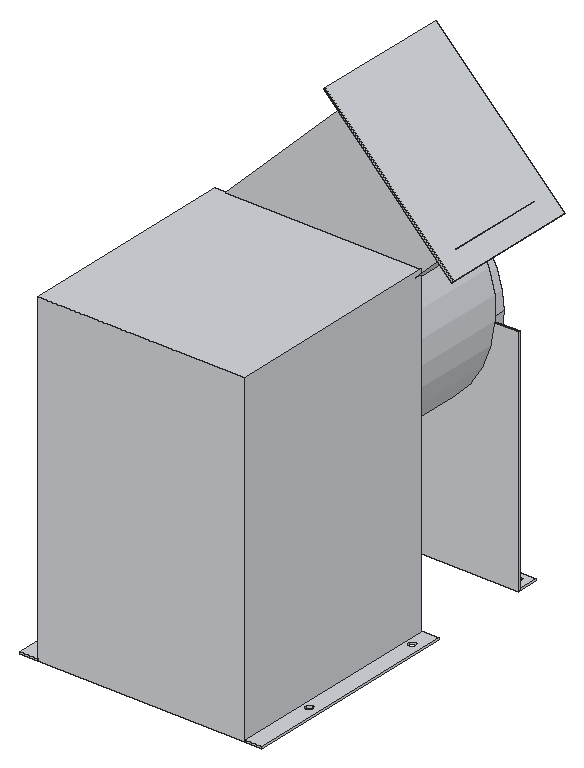
Revit family "CPFB_CW_TAU", category Mechanical Equipment, Revit 2019
Family settings
  Round Connector Dimension = Use Radius
  Part Type = Normal
  Work Plane-Based = No
  Always vertical = Yes
  Cut with Voids When Loaded = No
  Shared = No
  Room Calculation Point = No
Parameters (values of type "100-CPFB_CW_TAU")
  Z = 0' - 4 5/8"
  Y = 0' - 8 5/8"
  X = 1' - 2 1/16"
  W+M = W + M  # 1' - 5 1/8"
  W+1.5+K+L = W + 0' 1 1/2" + K + L  # 2' - 1 3/4"
  W+1.5 = W + 0' 1 1/2"  # 0' - 5 1/2"
  W = 0' - 4"
  V = 0' - 8"
  Unit Weight [instance] = ""
  U-.125 = U - 0' 0 1/8"  # 0' - 1 1/2"
  U = 0' - 1 5/8"
  T = 0' - 0 3/4"
  Sones [instance] = ""
  S/2 = S / 2  # 0' - 0 9/32"
  S = 0' - 0 9/16"
  R = 0' - 0 3/4"
  Q = 0' - 3"
  P-U = P - U  # 2' - 11 1/8"
  P = 3' - 0 3/4"
  N = 0' - 9 3/8"
  Motor RPM [instance] = ""
  Motor Enclosure [instance] = ""
  ModelID [instance] = ""
  M = 1' - 1 1/8"
  LwA [instance] = ""
  L = 0' - 10 1/4"
  K = 0' - 10"
  J = 0' - 10 3/4"
  H = 2' - 1 1/4"
  G-V = G - V  # 0' - 1 3/8"
  G = 0' - 9 3/8"
  Fan RPM [instance] = ""
  F-.125 = F - 0' 0 1/8"  # 0' - 7 3/8"
  F = 0' - 7 1/2"
  E-F = E - F  # 0' - 10 3/16"
  E = 1' - 5 11/16"
  D = 1' - 6"
  C/8*7 = C / 8 * 2.5  # 0' - 4 53/128"
  C/8 = C / 6  # 0' - 2.35417"
  C/2 = C / 2  # 0' - 7 1/16"
  C = 1' - 2 1/8"
  Brake Hp [instance] = ""
  B = 0' - 10 15/16"
  Accessories [instance] = ""
  A+.25 = A + 0' 0 1/4"  # 0' - 7 13/16"
  A = 0' - 7 9/16"
  CUT = 0' - 3 1/2"
  3" = 0' - 6"  # constant formula
  1'8" = 1' - 8"  # constant formula
  0 = 0' - 0"  # constant formula
  Voltage [instance] = 0 V
  URL = "www.lorencook.com"
  Type Comments = "Foward Curved Centrifugal Blower Clockwise Top Angular Up Arrangement 10"  # constant formula
  Static Pressure [instance] = 0.00 in-wg
  Power [instance] = Voltage * Motor FLA * sqrt(if(Phase = 3, 3, 1))  # 0 VA
  Phase [instance] = 0
  Number of Poles [instance] = 1
  Motor Hp [instance] = "0"
  Motor FLA [instance] = 0 A
  Model = "CPFB_CW_TAU"  # constant formula
  Manufacturer = "Loren Cook Company"
  CFM [instance] = 0 CFM
  1.5 = 0' - 1 1/2"  # constant formula
  ONE EIGTH = 0' - 0 1/8"  # constant formula
  -1.5 = -0' - 1 1/2"  # constant formula
  -.125 = -0' - 0 1/8"  # constant formula
  -(A+.25) = -(A + 0' 0 1/4")  # -0' - 7 13/16"
  (C/2)-1.5 = (C / 2) - 0' 1 1/2"  # 0' - 5 9/16"
  (C/2)-.25 = (C / 2) - 0' 0 1/4"  # 0' - 6 13/16"
Types (9): name | Z | Y | X | W+M | W+1.5+K+L | W+1.5 | W | V | U-.125 | U | T | S/2 | S | R | Q | P-U | P | N | M | L | K | J | H | G-V | G | F-.125 | F | E-F | E | D | C/8*7 | C/8 | C/2 | C | B | A+.25 | A | CUT | -(A+.25) | (C/2)-1.5 | (C/2)-.25
  (no name) | 0' - 4 5/8" | 0' - 8 5/8" | 1' - 2 1/16" | 1' - 5 1/8" | 2' - 1 3/4" | 0' - 5 1/2" | 0' - 4" | 0' - 8" | 0' - 1 1/2" | 0' - 1 5/8" | 0' - 0 3/4" | 0' - 0 9/32" | 0' - 0 9/16" | 0' - 0 3/4" | 0' - 3" | 2' - 11 1/8" | 3' - 0 3/4" | 0' - 9 3/8" | 1' - 1 1/8" | 0' - 10 1/4" | 0' - 10" | 0' - 10 3/4" | 2' - 1 1/4" | 0' - 1 3/8" | 0' - 9 3/8" | 0' - 7 3/8" | 0' - 7 1/2" | 0' - 10 3/16" | 1' - 5 11/16" | 1' - 6" | 0' - 4 53/128" | 0' - 2.35417" | 0' - 7 1/16" | 1' - 2 1/8" | 0' - 10 15/16" | 0' - 7 13/16" | 0' - 7 9/16" | 0' - 3 1/2" | -0' - 7 13/16" | 0' - 5 9/16" | 0' - 6 13/16"
  150-CPFB_CW_TAU | 0' - 6 9/16" | 0' - 8 5/8" | 1' - 7 5/8" | 1' - 7 1/8" | 2' - 7 5/8" | 0' - 5 1/2" | 0' - 4" | 0' - 8" | 0' - 1 1/2" | 0' - 1 5/8" | 0' - 0 3/4" | 0' - 0 9/32" | 0' - 0 9/16" | 0' - 0 3/4" | 0' - 3" | 3' - 3 13/16" | 3' - 5 7/16" | 1' - 1 1/4" | 1' - 3 1/8" | 1' - 2 1/8" | 1' - 0" | 1' - 2 5/8" | 2' - 5 1/16" | 0' - 1 3/8" | 0' - 9 3/8" | 0' - 11 1/8" | 0' - 11 1/4" | 1' - 3 3/8" | 2' - 2 5/8" | 1' - 7 1/16" | 0' - 5 125/128" | 0' - 3 3/16" | 0' - 9 9/16" | 1' - 7 1/8" | 1' - 4 7/16" | 0' - 11 11/16" | 0' - 11 7/16" | 0' - 2" | -0' - 11 11/16" | 0' - 8 1/16" | 0' - 9 5/16"
  180-CPFB_CW_TAU | 0' - 7 3/4" | 0' - 9 5/8" | 1' - 10 7/8" | 1' - 7 1/8" | 2' - 9 15/16" | 0' - 5 1/2" | 0' - 4" | 0' - 9" | 0' - 1 1/2" | 0' - 1 5/8" | 0' - 0 3/4" | 0' - 0 9/32" | 0' - 0 9/16" | 0' - 1" | 0' - 3" | 3' - 10 3/4" | 4' - 0 3/8" | 1' - 3 9/16" | 1' - 3 1/8" | 1' - 4 7/16" | 1' - 0" | 1' - 4 15/16" | 2' - 9 9/16" | 0' - 1 3/8" | 0' - 10 3/8" | 1' - 1 7/16" | 1' - 1 9/16" | 1' - 6 3/8" | 2' - 7 15/16" | 1' - 10 1/16" | 0' - 7 23/256" | 0' - 3 25/32" | 0' - 11 11/32" | 1' - 10 11/16" | 1' - 7 11/16" | 1' - 2" | 1' - 1 3/4" | 0' - 2" | -1' - 2" | 0' - 9 27/32" | 0' - 11 3/32"
  220-CPFB_CW_TAU | 0' - 9 7/16" | 0' - 11 1/8" | 2' - 3 13/16" | 1' - 11 1/8" | 3' - 5 3/8" | 0' - 6 1/2" | 0' - 5" | 0' - 10 1/2" | 0' - 1 1/2" | 0' - 1 5/8" | 0' - 0 3/4" | 0' - 0 9/32" | 0' - 0 9/16" | 0' - 1" | 0' - 4" | 4' - 9 1/4" | 4' - 10 7/8" | 1' - 7" | 1' - 6 1/8" | 1' - 7 7/8" | 1' - 3" | 1' - 8 7/16" | 3' - 5" | 0' - 1 3/8" | 0' - 11 7/8" | 1' - 4 3/4" | 1' - 4 7/8" | 1' - 11" | 3' - 3 7/8" | 2' - 3" | 0' - 8 147/256" | 0' - 4.57292" | 1' - 1 23/32" | 2' - 3 7/16" | 2' - 0 5/8" | 1' - 5 7/16" | 1' - 5 3/16" | 0' - 2" | -1' - 5 7/16" | 1' - 0 7/32" | 1' - 1 15/32"
  250-CPFB_CW_TAU | 0' - 10 1/2" | 1' - 0 3/8" | 2' - 7" | 1' - 11 1/8" | 3' - 7 3/16" | 0' - 6 1/2" | 0' - 5" | 0' - 11 1/2" | 0' - 2" | 0' - 2 1/8" | 0' - 1" | 0' - 0 11/32" | 0' - 0 11/16" | 0' - 1" | 0' - 4" | 5' - 1 11/16" | 5' - 3 13/16" | 1' - 9 1/16" | 1' - 6 1/8" | 1' - 9 11/16" | 1' - 3" | 1' - 11" | 3' - 8 5/8" | 0' - 1 7/8" | 1' - 1 3/8" | 1' - 6 1/4" | 1' - 6 3/8" | 2' - 1" | 3' - 7 3/8" | 2' - 5 5/8" | 0' - 9 51/256" | 0' - 4 29/32" | 1' - 2 23/32" | 2' - 5 7/16" | 2' - 2 13/16" | 1' - 7" | 1' - 6 3/4" | 0' - 2" | -1' - 7" | 1' - 1 7/32" | 1' - 2 15/32"
  270-CPFB_CW_TAU | 0' - 11 7/16" | 1' - 1 3/8" | 2' - 9 3/4" | 2' - 2 1/8" | 4' - 0 1/16" | 0' - 6 1/2" | 0' - 5" | 1' - 0 1/2" | 0' - 2" | 0' - 2 1/8" | 0' - 1" | 0' - 0 11/32" | 0' - 0 11/16" | 0' - 1" | 0' - 4" | 5' - 7 9/16" | 5' - 9 11/16" | 1' - 10 15/16" | 1' - 9 1/8" | 1' - 11 9/16" | 1' - 6" | 2' - 0 7/8" | 4' - 0 7/8" | 0' - 1 7/8" | 1' - 2 3/8" | 1' - 8 1/8" | 1' - 8 1/4" | 2' - 3 5/8" | 3' - 11 7/8" | 2' - 8 3/8" | 0' - 9 251/256" | 0' - 5.32292" | 1' - 3 31/32" | 2' - 7 15/16" | 2' - 5 9/16" | 1' - 8 7/8" | 1' - 8 5/8" | 0' - 2 1/4" | -1' - 8 7/8" | 1' - 2 15/32" | 1' - 3 23/32"
  300-CPFB_CW_TAU | 1' - 0 5/8" | 1' - 2 5/16" | 3' - 1" | 2' - 2 3/16" | 4' - 2 1/2" | 0' - 6 1/2" | 0' - 5" | 1' - 1 1/2" | 0' - 2" | 0' - 2 1/8" | 0' - 1" | 0' - 0 11/32" | 0' - 0 11/16" | 0' - 1 3/16" | 0' - 4" | 6' - 3 7/8" | 6' - 6" | 2' - 1 5/16" | 1' - 9 3/16" | 2' - 2" | 1' - 6" | 2' - 3 3/16" | 4' - 5 5/8" | 0' - 1 13/16" | 1' - 3 5/16" | 1' - 10 3/8" | 1' - 10 1/2" | 2' - 6 5/8" | 4' - 5 1/8" | 2' - 11 5/8" | 0' - 10 235/256" | 0' - 5.82292" | 1' - 5 15/32" | 2' - 10 15/16" | 2' - 8 13/16" | 1' - 11 3/16" | 1' - 10 15/16" | 0' - 2 1/2" | -1' - 11 3/16" | 1' - 3 31/32" | 1' - 5 7/32"
  120-CPFB_CW_TAU | 0' - 5 7/16" | 0' - 8 5/8" | 1' - 4 5/16" | 1' - 5 1/8" | 2' - 3 3/8" | 0' - 5 1/2" | 0' - 4" | 0' - 8" | 0' - 1 1/2" | 0' - 1 5/8" | 0' - 0 3/4" | 0' - 0 9/32" | 0' - 0 9/16" | 0' - 0 3/4" | 0' - 3" | 2' - 11 1/16" | 3' - 0 11/16" | 0' - 11" | 1' - 1 1/8" | 0' - 11 7/8" | 0' - 10" | 1' - 0 3/8" | 2' - 2 1/4" | 0' - 1 3/8" | 0' - 9 3/8" | 0' - 8 7/8" | 0' - 9" | 1' - 0 5/16" | 1' - 9 5/16" | 1' - 6" | 0' - 5 5/128" | 0' - 2 11/16" | 0' - 8 1/16" | 1' - 4 1/8" | 1' - 1 1/8" | 0' - 9 7/16" | 0' - 9 3/16" | 0' - 2 1/2" | -0' - 9 7/16" | 0' - 6 9/16" | 0' - 7 13/16"
  100-CPFB_CW_TAU | 0' - 4 5/8" | 0' - 8 5/8" | 1' - 2 1/16" | 1' - 5 1/8" | 2' - 1 3/4" | 0' - 5 1/2" | 0' - 4" | 0' - 8" | 0' - 1 1/2" | 0' - 1 5/8" | 0' - 0 3/4" | 0' - 0 9/32" | 0' - 0 9/16" | 0' - 0 3/4" | 0' - 3" | 2' - 11 1/8" | 3' - 0 3/4" | 0' - 9 3/8" | 1' - 1 1/8" | 0' - 10 1/4" | 0' - 10" | 0' - 10 3/4" | 2' - 1 1/4" | 0' - 1 3/8" | 0' - 9 3/8" | 0' - 7 3/8" | 0' - 7 1/2" | 0' - 10 3/16" | 1' - 5 11/16" | 1' - 6" | 0' - 4 53/128" | 0' - 2.35417" | 0' - 7 1/16" | 1' - 2 1/8" | 0' - 10 15/16" | 0' - 7 13/16" | 0' - 7 9/16" | 0' - 3 1/2" | -0' - 7 13/16" | 0' - 5 9/16" | 0' - 6 13/16"
Reference planes (in)
  plane 1 "Center (Front/Back)": y = 0
  plane 2: z = 0
  plane 3 "Center (Left/Right)": x = 0.40541
  plane 4: through (-2.84562, -180, 121.5625) normal (0.7071, 0, 0.7071)
Forms (in)
  Extrusion 1, solid
    sketch origin (0, 0, 0) x (1, 0, 0) y (0, 1, 0)
      loop
        line (-7.59459, 0) -> (-7.59459, -17.125) -> (8.40541, -17.125) -> (8.40541, 0) -> (-7.59459, 0)
    from 0 to 25.25 <- "H"
  Extrusion 2, solid
    sketch origin (0, 0, 0) x (1, 0, 0) y (0, 1, 0)
      loop
        line (-7.59459, 0) -> (-8.96959, 0) -> (-8.96959, -17.125) -> (-7.59459, -17.125) -> (-7.59459, 0)
      loop
        line (8.40541, 0) -> (8.40541, -17.125) -> (9.78041, -17.125) -> (9.78041, 0) -> (8.40541, 0)
    from 0 to 0.125 <- "ONE EIGTH"
  Extrusion 3, solid
    sketch origin (0, 0, 0) x (1, 0, 0) y (0, 1, 0)
      loop
        line (-8.96959, 9.375) -> (-8.96959, 7.8125) -> (9.78041, 7.8125) -> (9.78041, 9.375) -> (-8.96959, 9.375)
    from 0 to 0.125 <- "ONE EIGTH"
  Extrusion 4, solid
    sketch origin (9.78041, 7.8125, 0) x (-1, 0, 0) y (0, 0, -1)
      loop
        line (18.75, 0) -> (0, 0) -> (0, -18) -> (18.75, -18) -> (18.75, 0)
    from 0 to 0.125 <- "ONE EIGTH"
  Extrusion 5, void
    sketch origin (9.78041, 7.8125, 0) x (1, 0, 0) y (0, 0, -1)
      loop
        circle (-9.375, -18) r 7.0625
    from -0.125 <- "-.125" to 0 <- "0"
  Extrusion 6, void
    sketch origin (0, 0, 0) x (1, 0, 0) y (0, 1, 0)
      loop
        circle (9.03041, -1.625) r 0.28125
      loop
        circle (9.03041, -11.625) r 0.28125
      loop
        circle (-8.21959, -11.625) r 0.28125
      loop
        circle (-8.21959, -1.625) r 0.28125
    from -12 to 12
  Extrusion 7, void
    sketch origin (0, 0, 0) x (1, 0, 0) y (0, 1, 0)
      loop
        circle (9.03041, 8.625) r 0.28125
      loop
        circle (-8.21959, 8.625) r 0.28125
    from -0.125 <- "-.125" to 0.125 <- "ONE EIGTH"
  Extrusion 8, solid
    sketch origin (9.78041, 7.6875, 0) x (-1, 0, 0) y (0, 0, -1)
      loop
        circle (9.375, -18) r 7.0625
      loop
        circle (9.375, -18) r 6.8125
    from 0 to -1.5 <- "-1.5"
  Extrusion 9, solid
    sketch origin (12.84666, 0, 4.98541) x (0.707107, 0, 0.707107) y (-0.707107, 0, 0.707107)
      loop
        line (14.43873, 28.18509) -> (-0.1536, 28.18509)
        arc (-0.1536, 28.18509) -> (-7.10804, 13.87804) -> (8.43873, 17.24759) r 8.84375
        line (8.43873, 17.24759) -> (14.43873, 17.24759) -> (14.43873, 28.18509)
    from 0 to -7.8125 <- "-(A+.25)"
  Revolve 10, void
    sketch origin (0.40541, 0, 0) x (0, 1, 0) y (0, 0, 1)
      loop
        line (7.8125, 23.5625) -> (5.45833, 22.41406) -> (5.45833, 18) -> (7.8125, 18) -> (7.8125, 23.5625)
      axis (5.45833, 18) -> (7.8125, 18)
    angle from 0 to 360
  Extrusion 11, solid
    sketch origin (3.12652, 0, 35.125) x (0.707107, 0, -0.707107) y (0, 1, 0)
      loop
        line (-1.5, -1.5) -> (12.5625, -1.5) -> (12.5625, 9.25) -> (-1.5, 9.25) -> (-1.5, -1.5)
    from 0 to 0.125
Cuts and joins
  Extrusion 5, Extrusion 7, Revolve 10 cuts Extrusion 4
  Extrusion 6 cuts Extrusion 1
  Extrusion 6 cuts Extrusion 2
  Extrusion 7 cuts Extrusion 3
  Revolve 10 cuts Extrusion 8
  Revolve 10 cuts Extrusion 9
Dimensions and locks (in)
  "0": Extrusion 1 sketch curve to plane 1 "Center (Front/Back)"
  "W+M": plane 1 "Center (Front/Back)" to Extrusion 1 sketch curve
  "V": plane 3 "Center (Left/Right)" to Extrusion 1 sketch curve
  "V": Extrusion 1 sketch curve to plane 3 "Center (Left/Right)"
  "0": Extrusion 2 sketch curve to plane 1 "Center (Front/Back)"  (x2)
  "0": Extrusion 1 to Extrusion 2 sketch curve  (x2)
  "0": Extrusion 2 sketch curve to Extrusion 1  (x2)
  "G-V": Extrusion 2 sketch curve to Extrusion 2 sketch curve  (x2)
  "N": plane 1 "Center (Front/Back)" to Extrusion 3 sketch curve
  "A+.25": Extrusion 3 sketch curve to plane 1 "Center (Front/Back)"
  "0": Extrusion 2 to Extrusion 3 sketch curve  (x2)
  "0": Extrusion 1 to Extrusion 4 sketch curve
  "D": Extrusion 4 sketch curve to Extrusion 4 sketch curve
  "0": Extrusion 4 sketch curve to Extrusion 2  (x2)
  "D": Extrusion 1 to Extrusion 5 sketch curve
  "V": Extrusion 1 to Extrusion 5 sketch curve
  "Y": plane 3 "Center (Left/Right)" to Extrusion 6 sketch curve  (x2)
  "Y": Extrusion 6 sketch curve to plane 3 "Center (Left/Right)"  (x2)
  "W+1.5": Extrusion 1 to Extrusion 6 sketch curve  (x2)
  "K": Extrusion 6 sketch curve to Extrusion 6 sketch curve  (x2)
  "W+1.5+K+L": cut or joined group of Extrusion 1, Extrusion 6 to Extrusion 7 sketch curve  (x2)
  "V": cut or joined group of Extrusion 1, Extrusion 6 to Extrusion 8 sketch curve  (x2)
  "D": Extrusion 8 sketch curve to cut or joined group of Extrusion 1, Extrusion 6  (x2)
  "D": Revolve 10 sketch curve to level  (x2)
  "0": Extrusion 9 to Revolve 10 sketch curve
  "C/8*7": Revolve 10 sketch curve to Revolve 10 sketch curve
  "(C/2)-1.5": Revolve 10 sketch curve to Revolve 10 sketch curve
  "C/8": Extrusion 9 to Revolve 10 sketch curve
  "T": Extrusion 7 sketch curve to cut or joined group of Extrusion 3, Extrusion 7
  "T": cut or joined group of Extrusion 3, Extrusion 7 to Extrusion 7 sketch curve
  "B": Extrusion 9 sketch curve to Extrusion 9 sketch curve
  "F": Extrusion 9 sketch curve to plane 3 "Center (Left/Right)"
  "E-F": plane 3 "Center (Left/Right)" to Extrusion 9 sketch curve
  "P-U": Extrusion 9 sketch curve to level
  "3"": Extrusion 9 sketch curve to Extrusion 9 sketch curve
  "U-.125": Extrusion 11 sketch curve to cut or joined group of Extrusion 9, Revolve 10
  "J": Extrusion 11 sketch curve to Extrusion 11 sketch curve
  "X": Extrusion 11 sketch curve to Extrusion 11 sketch curve
  "U": cut or joined group of Extrusion 9, Revolve 10 to Extrusion 11 sketch curve
  "C/2": radius of Extrusion 5 sketch curve
  "S/2": radius of Extrusion 6 sketch curve  (x4)
  "S/2": radius of Extrusion 7 sketch curve  (x2)
  "C/2": radius of Extrusion 8 sketch curve
  "(C/2)-.25": radius of Extrusion 8 sketch curve
Automatic sketch dimensions
  Revolve 10 sketch curve to Revolve 10 sketch curve = 0' - 0.60417"
  Revolve 10 sketch curve to Revolve 10 sketch curve = 0' - 3.54487"
Connectors (in)
  hvac at (0.40541, 9.1875, 18), driven by "C/2"
    settings: on cut or joined group of Extrusion 8, Revolve 10, index 2, duct flow 0 CFM, flow factor 0, pres drop 0.00 in-wg, loss coef 0, conn angle 0.00°, conn width 12", conn height 12", conn diameter 14 1/8", duct sys type 29, conn prof type 0, flow config 0, flow direction 1, loss method 0, conn ref index -1, conn util no, is conn primary yes, conn desc ""
  electrical at (-7.59459, -8.5625, 12.625)
    settings: on cut or joined group of Extrusion 1, Extrusion 6, index 3, voltage 0 V, apparent load 0 VA, apparent load phase1 0 VA, apparent load phase2 0 VA, apparent load phase3 0 VA, power factor 1, load classification "Other", number of poles 1, system type 30, power factor state 1, is connector primary yes, connector utility no, sub classification motor no, connector description ""
  hvac at (7.12609, 3.875, 31.3022), driven by "A", driven by "B"
    settings: on Extrusion 11, index 4, duct flow 0 CFM, flow factor 0, pres drop 0.00 in-wg, loss coef 0, conn angle 0.00°, conn width 10 15/16", conn height 7 9/16", conn diameter 24", duct sys type 29, conn prof type 1, flow config 0, flow direction 2, loss method 0, conn ref index -1, conn util no, is conn primary no, conn desc ""
